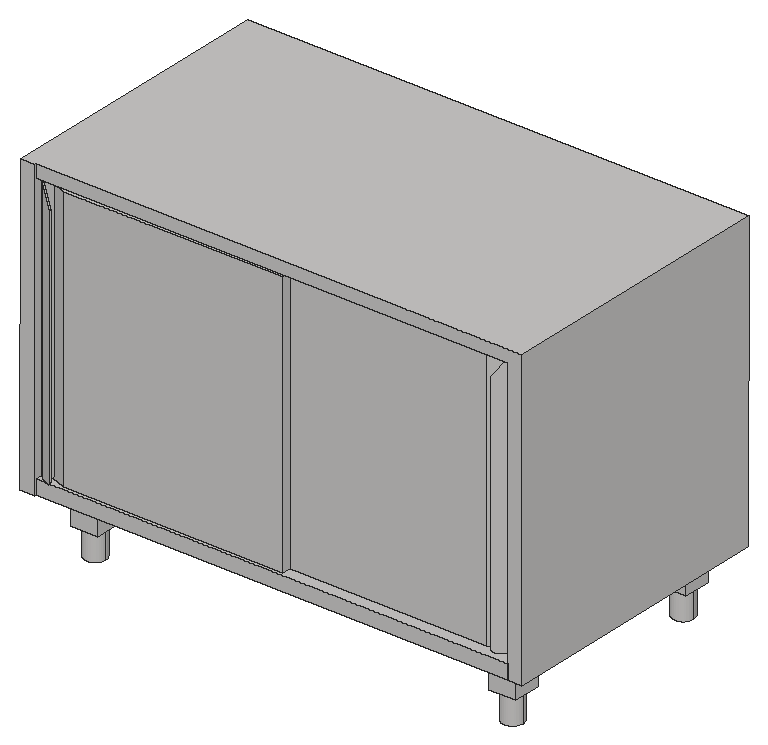
Revit family "QF_ELECTROLUXPROFESSIONAL_121924_TE2S12", category Attrezzature speciali, Revit 2020
Family settings
  Quota connettore circolare = Usa diametro
  Tipo di parte = Normale
  Basato su piano di lavoro = No
  Sempre verticale = Sì
  Taglio con vuoti quando caricato = No
  Condiviso = No
  Punto di calcolo locali = No
Parameters (values of type "Standard")
  Weight = 79.00 kg
  Watts = 0 W
  Volts = 0 V
  URL Manufacturer = "https://www.electroluxprofessional.com/"
  URL = "https://www.electroluxprofessional.com/"
  Steam Supply Size = 0 mm
  Steam Supply Minimum Pressure = 0.0 Pa
  Steam Supply Maximum Pressure = 0.0 Pa
  Steam Consumption per Hour = 0
  Refrigeration Suction Line Size = 0.0 mm
  Refrigeration Liquid Line Size = 0.0 mm
  Refrigerant Compressor Remote = yes
  Prospetto di default = 0.0 mm
  Phase = 0
  Modello = "TE2S12"
  Produttore = "Electrolux Professional"
  Length Actual = 1200.0 mm  # constant formula
  Item Number = "121924"
  Hot Water Size = 0 mm
  Height Actual = 860.0 mm  # constant formula
  HP = "0 HP"
  Gas Size = 0 mm
  Gas KW = 0
  Gas Input Pressure = 0 W
  Direct Waste Size = 0 mm
  Descrizione = "AMBIENT UNIT 2 SLIDING DOORS 1200MM"
  Depth Actual = 680.0 mm  # constant formula
  Cycle = 0 Hz
  Condensate Return Size = 0 mm
  Compressed Air Volume = 0.0 L/s
  Compressed Air Size = 0 mm
  Compressed Air Pressure = 0.0 Pa
  Cold Water Size = 0 mm
  Accessory = yes
Reference planes
  plane 1 "Center (Front/Back)": y = 0
  plane 2: z = 0
  plane 3 "Center (Left/Right)": x = -300
  plane 4 "LEFT": x = -900
  plane 5 "RIGHT": x = 300
  plane 6 "BACK": y = 340
  plane 7 "FRONT": y = -340
  plane 8 "Base": z = 860
  plane 9 "TOP": z = 900
  plane 10: x = -800
  plane 11: x = 200
  plane 12: y = 270
  plane 13: y = -240
  plane 14 "FEET": z = 150
  plane 15: x = -866
  plane 16: y = -337
  plane 17: y = 310
  plane 18: x = 266
  plane 19: x = -326.5
  plane 20: x = -273.5
Forms (mm)
  Extrusion 1, solid, material "QF_Finishes_Stainless Steel"
    sketch origin (0, 0, 150) x (-1, 0, 0) y (0, -1, 0)
      loop
        line (900, -340) -> (900, 340) -> (866, 340) -> (866, -340) -> (900, -340)
      loop
        line (-266, -340) -> (-266, 337) -> (-300, 337) -> (-300, -340) -> (-266, -340)
    from 0 to 710
  Extrusion 2, solid, material "QF_Finishes_Stainless Steel"
    sketch origin (0, 0, 150) x (-1, 0, 0) y (0, -1, 0)
      loop
        line (866, -310) -> (866, 337) -> (-266, 337) -> (-266, -310) -> (866, -310)
    from 0 to 35
  Extrusion 3, solid, material "QF_Finishes_Stainless Steel"
    sketch origin (0, 0, 0) x (1, 0, 0) y (0, 1, 0)
      loop
        line (-866, -337) -> (266, -337) -> (266, 340) -> (-866, 340) -> (-866, -337)
    from 830 to 860
  Extrusion 4, solid, material "QF_Finishes_Stainless Steel"
    sketch origin (0, 0, 150) x (-1, 0, 0) y (0, -1, 0)
      loop
        line (866, -340) -> (866, -310) -> (-266, -310) -> (-266, -340) -> (866, -340)
    from 680 to 0
  Extrusion 5, solid, material "QF_Finishes_Stainless Steel"
    sketch origin (0, -340, 0) x (-1, 0, 0) y (0, 0, 1)
      loop
        line (301, 185) -> (301, 187) -> (299, 187) -> (299, 185) -> (301, 185)
    from 45 to 43
  Extrusion 6, solid, material "QF_Finishes_Stainless Steel"
    sketch origin (0, 0, 150) x (-1, 0, 0) y (0, -1, 0)
      loop
        line (326.5, 317) -> (-198, 317) -> (-233, 302) -> (-263, 302) -> (-263, 297) -> (326.5, 297) -> (326.5, 317)
    from 675 to 40
  Extrusion 7, solid, material "QF_Finishes_Stainless Steel"
    sketch origin (0, 0, 150) x (-1, 0, 0) y (0, -1, 0)
      loop
        line (-221, 331) -> (-249, 316) -> (-263, 302) -> (-260.172, 302) -> (-247.795, 314.377) -> (-220.056, 329.237) -> (-221, 331)
    from 675 to 40
  Extrusion 8, solid, material "QF_Finishes_Stainless Steel"
    sketch origin (0, 0, 150) x (-1, 0, 0) y (0, -1, 0)
      loop
        line (273.5, 337) -> (273.5, 317) -> (863, 317) -> (863, 322) -> (833, 322) -> (798, 337) -> (273.5, 337)
    from 675 to 40
  Extrusion 9, solid, material "QF_Finishes_Stainless Steel"
    sketch origin (0, 0, 150) x (-1, 0, 0) y (0, -1, 0)
      loop
        line (821, 351) -> (820.056, 349.237) -> (847.795, 334.377) -> (860.172, 322) -> (863, 322) -> (849, 336) -> (821, 351)
    from 675 to 40
  Extrusion 10, void
    sketch origin (-318.5, -342.5, 2435) x (-1, 0, 0) y (0, 0, 1)
      loop
        line (497, -1610) -> (497, -1661.75) -> (531.5, -1610) -> (497, -1610)
      loop
        line (501.556, -2245) -> (511.556, -2245)
        arc (511.556, -2245) -> (504.484, -2242.071) -> (501.556, -2235) r 10
        line (501.556, -2235) -> (501.556, -2245)
    from -13.118 to 9.689
  Extrusion 11, void
    sketch origin (-481.5, -342.5, 2430) x (1, 0, 0) y (0, 0, -1)
      loop
        line (697, 1605) -> (731.5, 1605) -> (697, 1656.75) -> (697, 1605)
      loop
        line (701.556, 2240) -> (701.556, 2230)
        arc (701.556, 2230) -> (704.484, 2237.071) -> (711.556, 2240) r 10
        line (711.556, 2240) -> (701.556, 2240)
    from 5.5 to 29.918
Cuts and joins
  joined: Extrusion 1, Extrusion 3, Extrusion 4
  Extrusion 10 cuts Extrusion 9
  Extrusion 11 cuts Extrusion 7
Lines and regions (mm)
  symbolic lines, style "SpecialityEquipmentHiddenLines"
    curve 1: line (300, 340, 900) -> (-900, 340, 900)
    curve 2: line (300, -340, 900) -> (300, 340, 900)
    curve 3: line (-900, -344.5, 150) -> (-900, 340, 150)
    curve 4: line (-900, -340, 150) -> (-866, -340, 150)
    curve 5: line (-866, -340, 150) -> (-866, -337, 150)
    curve 6: line (-866, -337, 150) -> (266, -337, 150)
    curve 7: line (266, -337, 150) -> (266, -340, 150)
    curve 8: line (266, -340, 150) -> (300, -340, 150)
    curve 9: line (266, -340, 1600) -> (266, -337, 1600)
    curve 11: line (-866, -337, 1600) -> (-866, -340, 1600)
    curve 12: line (266, -297, 200) -> (-326.5, -297, 200)
    curve 13: line (-326.5, -297, 200) -> (-326.5, -317, 200)
    curve 14: line (199, -317, 200) -> (-863, -317, 200)
    curve 18: line (-273.5, -317, 200) -> (-273.5, -337, 200)
    curve 19: line (198, -317, 1600) -> (233, -302, 1600)
    curve 20: line (233, -302, 1600) -> (263, -302, 1600)
    curve 21: line (263, -302, 1600) -> (263, -297, 1600)
    curve 22: line (220.958, -331.023, 1600) -> (248.999, -316.001, 1600)
    curve 23: line (248.999, -316.001, 1600) -> (263, -302, 1600)
    curve 24: line (260.172, -302, 1600) -> (247.795, -314.377, 1600)
    curve 25: line (247.795, -314.377, 1600) -> (219.992, -329.271, 1600)
    curve 26: line (219.992, -329.271, 1600) -> (220.958, -331.023, 1600)
    curve 27: line (-863, -317, 1600) -> (-863, -322, 1600)
    curve 28: line (-863, -322, 1600) -> (-849, -336, 1600)
    curve 29: line (-849, -336, 1600) -> (-847.133, -337, 1600)
    curve 30: line (-842.884, -337, 1600) -> (-847.955, -334.283, 1600)
    curve 31: line (-847.955, -334.283, 1600) -> (-860.239, -322, 1600)
    curve 32: line (-798, -337, 1600) -> (-833, -322, 1600)
    curve 33: line (-833, -322, 1600) -> (-863, -322, 1600)
  symbolic lines, style "SpecialityEquipment"
    curve 10: line (266, -337, 1600) -> (-866, -337, 1600)
    curve 15: line (-847.133, -337, 1600) -> (-820.985, -351.008, 1600)
    curve 16: line (-820.985, -351.008, 1600) -> (-820.038, -349.239, 1600)
    curve 17: line (-842.884, -337, 1600) -> (-820.038, -349.239, 1600)
Dimensions and locks
  plane 4 "LEFT" to plane 5 "RIGHT" = 1200.0 mm
  equal spacing: plane 4 "LEFT", plane 3 "Center (Left/Right)", plane 5 "RIGHT"
  plane 6 "BACK" to plane 7 "FRONT" = 680.0 mm
  equal spacing: plane 6 "BACK", plane 1 "Center (Front/Back)", plane 7 "FRONT"
  locked: plane 14 "FEET" to level at 150
  locked: plane 4 "LEFT" to plane 10 at 100
  locked: plane 11 to plane 5 "RIGHT" at 100
  locked: plane 4 "LEFT" to plane 15 at 34
  plane 16 to plane 7 "FRONT" = 3.0 mm
  plane 6 "BACK" to plane 17 = 30.0 mm
  locked: plane 6 "BACK" to plane 12 at 70
  locked: plane 13 to plane 7 "FRONT" at 100
  locked: plane 8 "Base" to level at 860
  locked: plane 9 "TOP" to level at 900
  locked: plane 18 to plane 5 "RIGHT" at 34
  locked: plane 19 to plane 20 at 53
  equal spacing: plane 19, plane 3 "Center (Left/Right)", plane 20
  aligned and locked: level to plane 2
  aligned and locked: plane 10 to nested 1
  aligned and locked: plane 11 to nested 2  (x2)
  aligned and locked: nested 4 to plane 12
  aligned and locked: plane 10 to nested 3
  aligned and locked: nested 3 to plane 12
  aligned and locked: plane 8 "Base" to Extrusion 1
  aligned and locked: plane 6 "BACK" to Extrusion 1 sketch curve
  aligned and locked: Extrusion 1 sketch curve to plane 6 "BACK"
  aligned and locked: Extrusion 1 sketch curve to plane 7 "FRONT"
  aligned and locked: plane 15 to Extrusion 1
  aligned and locked: Extrusion 2 to plane 15
  aligned and locked: plane 8 "Base" to Extrusion 3
  aligned and locked: Extrusion 2 to plane 16
  aligned and locked: Extrusion 2 to plane 17
  aligned and locked: Extrusion 3 to plane 16
  aligned and locked: plane 15 to Extrusion 4 sketch curve
  aligned and locked: Extrusion 4 sketch curve to plane 6 "BACK"
  aligned and locked: Extrusion 4 sketch curve to plane 17
  aligned and locked: Extrusion 4 to Extrusion 3
  aligned and locked: Extrusion 4 to plane 14 "FEET"
  aligned and locked: plane 6 "BACK" to Extrusion 3
  aligned and locked: nested 1 to plane 13
  aligned and locked: nested 2 to plane 13
  aligned and locked: plane 18 to Extrusion 3
  aligned and locked: Extrusion 2 sketch curve to plane 18
  aligned and locked: cut or joined group of Extrusion 1, Extrusion 3, Extrusion 4 to plane 18
  aligned and locked: plane 18 to cut or joined group of Extrusion 1, Extrusion 3, Extrusion 4
  aligned and locked: Extrusion 6 to plane 19
  aligned and locked: curve 13 to plane 19
  aligned and locked: plane 20 to Extrusion 8
  aligned and locked: curve 18 to plane 20
  aligned and locked: curve 7 to curve 9
  aligned and locked: plane 18 to curve 9
  aligned and locked: nested 4 to nested 4
  aligned and locked: nested 4 to nested 2
Automatic sketch dimensions
  curve 2 to plane 5 "RIGHT" = 0.0 mm
  curve 2 to plane 7 "FRONT" = 0.0 mm
  curve 1 to plane 4 "LEFT" = 0.0 mm
  curve 1 to plane 6 "BACK" = 0.0 mm
  Extrusion 1 sketch curve to plane 5 "RIGHT" = 0.0 mm
  Extrusion 1 sketch curve to plane 16 = 0.0 mm
  Extrusion 1 sketch curve to plane 18 = 0.0 mm
  Extrusion 1 sketch curve to plane 15 = 0.0 mm
  Extrusion 1 sketch curve to plane 4 "LEFT" = 0.0 mm
  Extrusion 2 sketch curve to plane 15 = 0.0 mm
  plane 17 to Extrusion 2 sketch curve = 0.0 mm
  Extrusion 2 sketch curve to plane 16 = 0.0 mm
  curve 8 to plane 5 "RIGHT" = 0.0 mm
  curve 6 to plane 15 = 0.0 mm
  curve 3 to plane 4 "LEFT" = 0.0 mm
  curve 3 to plane 6 "BACK" = 0.0 mm
  curve 6 to plane 16 = 0.0 mm
  curve 8 to plane 7 "FRONT" = 0.0 mm
  curve 4 to plane 7 "FRONT" = 0.0 mm
  curve 4 to curve 3 = 4.5 mm
  Extrusion 3 sketch curve to plane 6 "BACK" = 0.0 mm
  Extrusion 3 sketch curve to plane 15 = 0.0 mm
  Extrusion 3 sketch curve to plane 18 = 0.0 mm
  Extrusion 3 sketch curve to plane 16 = 0.0 mm
  Extrusion 4 sketch curve to plane 18 = 0.0 mm
  plane 3 "Center (Left/Right)" to Extrusion 5 sketch curve = 1.0 mm
  Extrusion 5 sketch curve to plane 3 "Center (Left/Right)" = 1.0 mm
  plane 14 "FEET" to Extrusion 5 sketch curve = 35.0 mm
  Extrusion 5 sketch curve to Extrusion 5 sketch curve = 2.0 mm
  Extrusion 6 sketch curve to plane 19 = 0.0 mm
  Extrusion 6 sketch curve to plane 11 = 2.0 mm
  plane 11 to Extrusion 6 sketch curve = 33.0 mm
  Extrusion 6 sketch curve to plane 18 = 3.0 mm
  plane 16 to Extrusion 6 sketch curve = 40.0 mm
  Extrusion 6 sketch curve to Extrusion 6 sketch curve = 5.0 mm
  Extrusion 6 sketch curve to Extrusion 6 sketch curve = 20.0 mm
  Extrusion 7 sketch curve to plane 18 = 3.0 mm
  Extrusion 7 sketch curve to Extrusion 7 sketch curve = 2.828 mm
  Extrusion 7 sketch curve to plane 18 = 17.0 mm
  Extrusion 7 sketch curve to Extrusion 7 sketch curve = 1.205 mm
  plane 16 to Extrusion 7 sketch curve = 6.0 mm
  plane 11 to Extrusion 7 sketch curve = 21.0 mm
  plane 16 to Extrusion 7 sketch curve = 7.763 mm
  Extrusion 7 sketch curve to Extrusion 7 sketch curve = 0.944 mm
  Extrusion 7 sketch curve to Extrusion 7 sketch curve = 12.377 mm
  Extrusion 8 sketch curve to plane 16 = 0.0 mm
  Extrusion 8 sketch curve to plane 20 = 0.0 mm
  plane 10 to Extrusion 8 sketch curve = 2.0 mm
  plane 16 to Extrusion 8 sketch curve = 15.0 mm
  Extrusion 8 sketch curve to plane 10 = 33.0 mm
  plane 15 to Extrusion 8 sketch curve = 3.0 mm
  Extrusion 8 sketch curve to Extrusion 8 sketch curve = 20.0 mm
  Extrusion 9 sketch curve to plane 10 = 20.056 mm
  Extrusion 9 sketch curve to plane 7 "FRONT" = 11.0 mm
  Extrusion 9 sketch curve to Extrusion 9 sketch curve = 0.944 mm
  plane 16 to Extrusion 9 sketch curve = 2.623 mm
  plane 15 to Extrusion 9 sketch curve = 18.205 mm
  plane 16 to Extrusion 9 sketch curve = 1.0 mm
  plane 15 to Extrusion 9 sketch curve = 5.828 mm
  Extrusion 9 sketch curve to Extrusion 9 sketch curve = 2.828 mm
  plane 16 to Extrusion 9 sketch curve = 15.0 mm
  curve 32 to plane 16 = 0.0 mm
  curve 11 to plane 15 = 0.0 mm
  curve 9 to plane 7 "FRONT" = 0.0 mm
  curve 11 to plane 7 "FRONT" = 0.0 mm
  curve 23 to plane 18 = 3.0 mm
  curve 23 to plane 18 = 17.001 mm
  curve 22 to curve 25 = 1.204 mm
  curve 24 to curve 19 = 14.795 mm
  plane 16 to curve 22 = 5.977 mm
  plane 11 to curve 22 = 20.958 mm
  plane 16 to curve 25 = 7.729 mm
  curve 22 to curve 25 = 0.966 mm
  curve 16 to plane 7 "FRONT" = 9.239 mm
  curve 16 to plane 10 = 20.038 mm
  curve 16 to plane 7 "FRONT" = 11.008 mm
  curve 16 to curve 16 = 0.948 mm
  curve 33 to curve 17 = 9.884 mm
  plane 16 to curve 30 = 2.717 mm
  curve 15 to curve 30 = 0.822 mm
  plane 16 to curve 29 = 1.0 mm
  curve 30 to curve 29 = 1.045 mm
  plane 15 to curve 33 = 3.0 mm
  plane 16 to curve 33 = 15.0 mm
  plane 16 to curve 23 = 20.999 mm
  curve 25 to curve 22 = 1.624 mm
  curve 19 to curve 24 = 12.377 mm
  curve 20 to curve 24 = 2.828 mm
  curve 19 to plane 11 = 2.0 mm
  plane 10 to curve 32 = 2.0 mm
  curve 30 to curve 17 = 0.0 mm
  curve 29 to curve 15 = 0.0 mm
  curve 31 to curve 27 = 2.761 mm
  curve 27 to curve 27 = 5.0 mm
  plane 16 to curve 19 = 20.0 mm
  curve 21 to curve 20 = 5.0 mm
  curve 12 to plane 18 = 0.0 mm
  curve 18 to plane 16 = 0.0 mm
  plane 16 to curve 13 = 40.0 mm
  curve 14 to plane 11 = 1.0 mm
  plane 15 to curve 14 = 3.0 mm
  curve 12 to curve 13 = 20.0 mm
  Extrusion 10 sketch curve to plane 10 = 15.5 mm
  Extrusion 10 sketch curve to plane 10 = 20.056 mm
  Extrusion 10 sketch curve to Extrusion 10 sketch curve = 10.0 mm
  plane 15 to Extrusion 10 sketch curve = 16.0 mm
  plane 14 "FEET" to Extrusion 10 sketch curve = 40.0 mm
  Extrusion 10 sketch curve to plane 8 "Base" = 86.75 mm
  Extrusion 10 sketch curve to plane 8 "Base" = 35.0 mm
  plane 11 to Extrusion 11 sketch curve = 15.5 mm
  plane 11 to Extrusion 11 sketch curve = 20.056 mm
  Extrusion 11 sketch curve to Extrusion 11 sketch curve = 10.0 mm
  Extrusion 11 sketch curve to plane 18 = 16.0 mm
  Extrusion 11 sketch curve to plane 8 "Base" = 35.0 mm
  Extrusion 11 sketch curve to Extrusion 11 sketch curve = 51.75 mm
  plane 14 "FEET" to Extrusion 11 sketch curve = 50.0 mm
Nested families
  nested 1: "FEET_L65-150" at (-800, -240, 0), type "FEET_L65-150"
  nested 2: "FEET_L65-150" at (200, -240, 0), type "FEET_L65-150"
  nested 3: "FEET_L65-150" at (-800, 270, 0), type "FEET_L65-150"
  nested 4: "FEET_L65-150" at (200, 270, 0), type "FEET_L65-150"
Definition of nested family "FEET_L65-150"
  Parameters
    Default Elevation = 0.0 mm
    FEET = 150.0 mm
  Reference planes
    plane 1 "Center (Front/Back)": y = 0
    plane 2: z = 0
    plane 3 "Center (Left/Right)": x = 0
    plane 4: z = 150
  Forms (mm)
    Extrusion 1, solid
      sketch origin (0, 0, 0) x (1, 0, 0) y (0, 1, 0)
        loop
          circle (0, 0) r 25
      from 0 to 67
    Extrusion 2, solid
      sketch origin (0, 0, 0) x (1, 0, 0) y (0, 1, 0)
        loop
          line (32.561, 32.5) -> (-32.439, 32.5) -> (-32.439, -32.5) -> (32.561, -32.5) -> (32.561, 32.5)
      from 67 to 150 <- "FEET"
  Lines and regions (mm)
    symbolic lines
      curve 1: line (0, -1.503, 0) -> (0, 1.508, 0)
      curve 2: line (1.561, 0, 0) -> (-1.439, 0, 0)
  Dimensions and locks
    "FEET": plane 4 to plane 2
    aligned and locked: level to plane 2
  Automatic sketch dimensions
    plane 1 "Center (Front/Back)" to Extrusion 1 sketch curve = 0.0 mm
    Extrusion 1 sketch curve to plane 3 "Center (Left/Right)" = 0.0 mm
    plane 1 "Center (Front/Back)" to curve 2 = 0.0 mm
    curve 1 to plane 3 "Center (Left/Right)" = 0.0 mm
    curve 2 to plane 3 "Center (Left/Right)" = 1.439 mm
    plane 3 "Center (Left/Right)" to curve 2 = 1.561 mm
    plane 1 "Center (Front/Back)" to curve 1 = 1.503 mm
    curve 1 to plane 1 "Center (Front/Back)" = 1.508 mm
    Extrusion 2 sketch curve to plane 1 "Center (Front/Back)" = 32.5 mm
    Extrusion 2 sketch curve to plane 3 "Center (Left/Right)" = 32.439 mm
    plane 3 "Center (Left/Right)" to Extrusion 2 sketch curve = 32.561 mm
    plane 1 "Center (Front/Back)" to Extrusion 2 sketch curve = 32.5 mm
    radius of Extrusion 1 sketch curve = 25.0 mm
